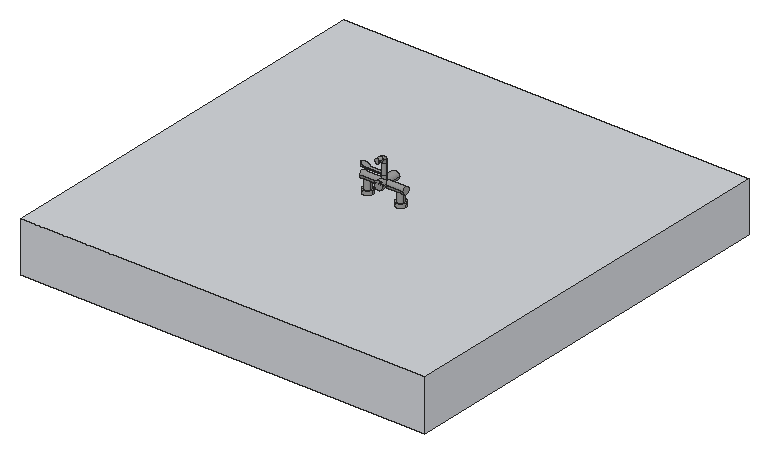
Revit family "ASH_ArmitageShanks_WallHungHandRinseBasins_Contour21-60cm_S2155", category Plumbing Fixtures, host Face, Revit 2012
Parameters (values of type "A6243AA - Markwik 21 Basin Tap Lever operated thermostatic")
  WorkingPressure = "3 Bar"
  WaterEfficientProduct = no
  WarrantyStartDate [instance] = "1900-12-31T23:59:59"
  WarrantyGuarantorParts = Manufacturer  # "Productinfo@thebluebook.co.uk"
  WarrantyGuarantorLabor = "n/a"
  WarrantyDurationUnit = "year"
  WarrantyDurationParts = "5"
  WarrantyDurationLabor = "n/a"
  WarrantyDescription = "Manufacturers Warranty"
  WRAS = yes
  WFU = 0
  VolumeUnits = "Litres"
  Version = "2"
  ValvePattern = "n/a"
  ValveOperation = "Lever"
  ValveMechanism = "Thermostatic"
  Uniclass2 = "Pr_40_20_87_98"
  URL = "www.idealspec.co.uk"
  Type Comments = "n/a"
  TestPressure = "10 Bar"
  TagNumber [instance] = "n/a"
  TMV3 = yes
  SustainabilityPerformance = "n/a"
  SpareParts = "www.fastpart-spares.co.uk"
  Space = "Internal"
  Size = "225 x 261 x 134 mm"
  SideMountedSensor = no
  UnderMountedSensor = no
  Shape = "Cylindrical"
  SerialNumber [instance] = "n/a"
  SensorEyeMaterial = ASH_Sensor_Markwik21_TranslucentBlack_render
  Revision = "n/a"
  ReplacementCost = "n/a"
  ProductInformation = "www.idealspec.co.uk/assets/datasheet/A6243AA"
  Phone = "01543 490 253"
  NominalWidth = 261 mm
  NominalLength = 225 mm
  NominalHeight = 125 mm
  NettWeight = "4 Kg"
  Name = "WallMountedMixerTaps_Markwik21_ArmitageShanks"
  NBSTypeID = "n/a"
  NBSReference = "45-35-70/371"
  NBSOfficeMasterTag = "n/a"
  NBSNote = "n/a"
  NBSDescription = "Water supply fittings for wash basins and troughs"
  NBSCertification = "n/a"
  ModelReference = "Markwik 21 Demountable Panel Mixer, Single Sequential Lever, Detachable Spout"
  ModelNumber = "A6243AA"
  Model = "A6243AA"
  Material = "Brass"
  ManufacturerURL = "www.idealspec.co.uk"
  Manufacturer = "Productinfo@thebluebook.co.uk"
  LinearUnits = "millimeters"
  Lever = yes
  InstallationInstructions = "www.idealspec.co.uk/resources.html"
  InstallationDate [instance] = "1900-12-31T23:59:59"
  IfcExportType = "FAUCET"
  IfcExportAs = "IfcValveType"
  Help = "productinfo@thebluebook.co.uk"
  HWFU = 0
  GrossWeight = "n/a"
  Grade = "n/a"
  Finish = "Chrome"
  Features = "Lever operated thermostat tap"
  FaucetType = "OTHER"
  FaucetTopDescription = "n/a"
  FaucetOperation = "LEVERHANDLE"
  FaucetFunction = "MIXED"
  ExpectedLife = "30"
  ECA = no
  DurationUnit = "year"
  DistributedBy = "n/a"
  Description = "Markwik 21 demountable panel mixer, single sequential lever, detachable spout"
  Default Elevation = 1219.2 mm
  CurrencyUnit = "n/a"
  CreatedOn = "2014-10-01"
  Cost = 0
  Constituents = "n/a"
  ConnectionType = "Plumbing"
  Color = "Chrome"
  CodePerformance = "Conforms to htm64 (2006), htm04, hfn30, hbn 04-01 addendum 2013"
  TapBodyMaterial = ASH_TapBody_Markwik21_Chrome_render
  Category = "SanitaryTerminal_WASHHANDBASIN_UK"
  CWFU = 0
  Brand = "Armitage Shanks"
  BarCode [instance] = "4015413333450"
  BREEAMApproved = no
  BIMObjectName = "ASH_ArmitageShanks_MixerTaps_Markwik21-WallMountedThermoMixer_A6243"
  Author = "Ideal Standard (UK) Ltd"
  AssetType = "Fixed"
  AssetIdentifier [instance] = "n/a"
  Assembly Code = "C1030200"
  AreaUnits = "millimeters"
  AreaMeasurement = "n/a"
  Accessories = "www.idealspec.co.uk"
  AccessibilityPerformance = "n/a"
  135ReachSpout = yes
  100ReachSpout(UseWithUpstandBasin) = no
Reference planes
  plane 1 "Center (Front/Back)": y = 0
  plane 2: z = 0
  plane 3 "Center (Left/Right)": x = 0
  plane 4: z = 20
  plane 5: z = 90
  plane 6: x = -130.5
  plane 7: x = 130.5
  plane 8: y = 82
  plane 9: y = -43
  plane 10: z = 225
  plane 11: z = 93
  plane 12: y = -65
  plane 13: y = -130
  plane 14: x = 150.5
  plane 15: x = 215.5
  plane 16: y = 25
  plane 17: x = 215.5
Forms (mm)
  Extrusion 1, solid
    sketch origin (0, 0, 0) x (1, 0, 0) y (0, 1, 0)
      loop
        line (-1219.2, 1219.2) -> (-1219.2, -1219.2) -> (1219.2, -1219.2) -> (1219.2, 1219.2) -> (-1219.2, 1219.2)
    from 0 to -304.8
  Extrusion 2, solid, material "ASH_TapBody_Markwik21_Chrome_render" <- "TapBodyMaterial", detail levels medium+fine
    sketch origin (0, 0, 0) x (1, 0, 0) y (0, 1, 0)
      loop
        circle (-100, 0) r 30
      loop
        circle (100, 0) r 30
    from 0 to 20
  Extrusion 3, solid, material "ASH_TapBody_Markwik21_Chrome_render" <- "TapBodyMaterial", detail levels medium+fine
    sketch origin (-568.278, -4572, 20) x (-1, 0, 0) y (0, -1, 0)
      loop
        circle (-468.278, -4572) r 17.5
      loop
        circle (-668.278, -4572) r 17.5
    from 0 to 70
  Extrusion 4, solid, material "ASH_TapBody_Markwik21_Chrome_render" <- "TapBodyMaterial", detail levels medium+fine
    sketch origin (-130.5, 84.18, 1219.2) x (0, 1, 0) y (0, 0, 1)
      loop
        circle (-84.18, -1129.2) r 20
    from 0 to 261
  Extrusion 5, solid, material "ASH_TapBody_Markwik21_Chrome_render" <- "TapBodyMaterial", detail levels medium+fine
    sketch origin (-239.872, 82, 1219.2) x (-1, 0, 0) y (0, 0, 1)
      loop
        circle (-239.872, -1129.2) r 25
    from 0 to -125
  Extrusion 6, solid, material "ASH_TapBody_Markwik21_Chrome_render" <- "TapBodyMaterial", detail levels medium+fine
    sketch origin (-568.278, -4572, 90) x (-1, 0, 0) y (0, -1, 0)
      loop
        circle (-568.278, -4572) r 13
    from 0 to 45
  Extrusion 7, solid, material "ASH_TapBody_Markwik21_Chrome_render" <- "TapBodyMaterial", visible <- "Lever", detail levels medium+fine
    sketch origin (0, 254.923, 93) x (0, 1, 0) y (-1, 0, 0)
      loop
        arc (-182.923, 145) -> (-164.498, 168.151) -> (-157.923, 197) r 66.58
        arc (-157.923, 197) -> (-160.852, 204.071) -> (-167.923, 207) r 10
        line (-167.923, 207) -> (-172.923, 207)
        arc (-172.923, 207) -> (-194.784, 187.879) -> (-202.923, 160) r 51.817
        line (-202.923, 160) -> (-202.923, 0) -> (-182.923, 0) -> (-182.923, 145)
    from 0 to -6
  Extrusion 8, solid, material "ASH_TapBody_Markwik21_Chrome_render" <- "TapBodyMaterial", visible <- "UnderMountedSensor", detail levels medium+fine
    sketch origin (0, 65, 0) x (1, 0, 0) y (0, 1, 0)
      loop
        circle (0, -195) r 25
      loop
        circle (0, -195) r 8
    from 0 to 5
  Extrusion 9, solid, material "ASH_Sensor_Markwik21_TranslucentBlack_render" <- "SensorEyeMaterial", visible <- "UnderMountedSensor", detail levels medium+fine
    sketch origin (0, 0, 0) x (1, 0, 0) y (0, 1, 0)
      loop
        circle (0, -130) r 8
    from 0 to 2
  Extrusion 10, solid, material "ASH_TapBody_Markwik21_Chrome_render" <- "TapBodyMaterial", visible <- "SideMountedSensor", detail levels medium+fine
    sketch origin (20.5, 0, 0) x (0, -1, 0) y (1, 0, 0)
      loop
        circle (0, 195) r 25
      loop
        circle (0, 195) r 8
    from 0 to 5
  Extrusion 11, solid, material "ASH_Sensor_Markwik21_TranslucentBlack_render" <- "SensorEyeMaterial", visible <- "SideMountedSensor", detail levels medium+fine
    sketch origin (85.5, 0, 0) x (0, -1, 0) y (1, 0, 0)
      loop
        circle (0, 130) r 8
    from 0 to 2
Dimensions and locks
  Extrusion 2 sketch curve to plane 3 "Center (Left/Right)" = 100 mm
  Extrusion 3 sketch curve to plane 3 "Center (Left/Right)" = 100 mm
  locked: Extrusion 1 to plane 10 at 225
  "NominalWidth": plane 6 to plane 7
  Extrusion 8 to plane 1 "Center (Front/Back)" = 130 mm
  plane 7 to plane 17 = 85 mm
  "NominalHeight": plane 8 to plane 9
  aligned and locked: plane 2 to Extrusion 1
  aligned and locked: level to Extrusion 1
  aligned and locked: plane 3 "Center (Left/Right)" to nested 1
  aligned and locked: plane 1 "Center (Front/Back)" to nested 1
  aligned and locked: nested 1 to Extrusion 6
  aligned and locked: plane 3 "Center (Left/Right)" to nested 2
  aligned and locked: nested 2 to Extrusion 6
  aligned and locked: plane 1 "Center (Front/Back)" to nested 2
  aligned and locked: plane 16 to Extrusion 10
  aligned and locked: plane 17 to Extrusion 10  (x3)
Automatic sketch dimensions
  Extrusion 1 sketch curve to Extrusion 1 sketch curve = 2438.4 mm  (x2)
  plane 1 "Center (Front/Back)" to Extrusion 2 sketch curve = 0 mm  (x2)
  plane 7 to Extrusion 2 sketch curve = 30.5 mm
  plane 1 "Center (Front/Back)" to Extrusion 3 sketch curve = 0 mm  (x2)
  plane 7 to Extrusion 3 sketch curve = 30.5 mm
  Extrusion 4 sketch curve to plane 1 "Center (Front/Back)" = 0 mm
  Extrusion 4 sketch curve to plane 5 = 0 mm
  Extrusion 5 sketch curve to plane 3 "Center (Left/Right)" = 0 mm
  Extrusion 5 sketch curve to plane 5 = 0 mm
  plane 1 "Center (Front/Back)" to Extrusion 6 sketch curve = 0 mm
  Extrusion 6 sketch curve to plane 3 "Center (Left/Right)" = 0 mm
  Extrusion 7 sketch curve to plane 3 "Center (Left/Right)" = 0 mm
  Extrusion 7 sketch curve to plane 8 = 0 mm
  Extrusion 7 sketch curve to plane 8 = 10 mm
  Extrusion 7 sketch curve to Extrusion 7 sketch curve = 20 mm
  plane 16 to Extrusion 7 sketch curve = 5.42 mm
  plane 8 to Extrusion 7 sketch curve = 5 mm
  Extrusion 7 sketch curve to Extrusion 7 sketch curve = 10 mm
  Extrusion 7 sketch curve to Extrusion 7 sketch curve = 0 mm
  plane 8 to Extrusion 7 sketch curve = 21.817 mm
  Extrusion 7 sketch curve to plane 6 = 14.5 mm
  Extrusion 8 sketch curve to Extrusion 8 sketch curve = 0 mm  (x2)
  Extrusion 8 sketch curve to plane 3 "Center (Left/Right)" = 0 mm
  Extrusion 8 sketch curve to plane 12 = 65 mm
  Extrusion 9 sketch curve to plane 3 "Center (Left/Right)" = 0 mm
  Extrusion 9 sketch curve to plane 13 = 0 mm
  Extrusion 10 sketch curve to Extrusion 10 sketch curve = 0 mm  (x2)
  plane 1 "Center (Front/Back)" to Extrusion 10 sketch curve = 0 mm
  Extrusion 10 sketch curve to plane 17 = 0 mm
  plane 1 "Center (Front/Back)" to Extrusion 11 sketch curve = 0 mm
  Extrusion 11 sketch curve to plane 15 = 0 mm
  radius of Extrusion 2 sketch curve = 30 mm  (x2)
  radius of Extrusion 3 sketch curve = 17.5 mm  (x2)
  radius of Extrusion 4 sketch curve = 20 mm
  radius of Extrusion 5 sketch curve = 25 mm
  radius of Extrusion 6 sketch curve = 13 mm
  radius of Extrusion 8 sketch curve = 25 mm
  radius of Extrusion 8 sketch curve = 8 mm
  radius of Extrusion 9 sketch curve = 8 mm
  radius of Extrusion 10 sketch curve = 25 mm
  radius of Extrusion 10 sketch curve = 8 mm
  radius of Extrusion 11 sketch curve = 8 mm
Nested families
  nested 1: "A6252AA Markwik 100 Reach Spout" at (0, 0, 135), visible <- "100ReachSpout(UseWithUpstandBasin)", type "A6252AA Markwik 100 Reach Spout"
  nested 2: "A6250AA Markwik 135 Reach Spout" at (0, 0, 135), visible <- "135ReachSpout", type "A6250AA Markwik 135 Reach Spout"
Definition of nested family "A6252AA Markwik 100 Reach Spout"
  Parameters (values of type "A6252AA Markwik 100 Reach Spout")
    URL = "www.idealspec.co.uk"
    Model = "A6252AA"
    Manufacturer = "Armitage Shanks"
    Description = "Markwik 21, 100mm Reach Spout"
    Default Elevation = 1219.2 mm
  Reference planes
    plane 1 "Center (Front/Back)": y = 0
    plane 2: z = 0
    plane 3 "Center (Left/Right)": x = 0
  Forms (mm)
    Extrusion 1, solid
      sketch origin (0, 0, 0) x (1, 0, 0) y (0, 1, 0)
        loop
          line (-1219.2, 1219.2) -> (-1219.2, -1219.2) -> (1219.2, -1219.2) -> (1219.2, 1219.2) -> (-1219.2, 1219.2)
      from 0 to -304.8
    Sweep 2, solid, material "ASH_ArmitageShanks _Sanitaryware_Chrome3_Render", detail levels medium+fine
      path origin (0, 0, 0) x (0, 1, 0) y (0, 0, 1)
        loop
          line (0, 0) -> (0, 40)
          arc (0, 40) -> (-7.322, 57.678) -> (-25, 65) r 25
          line (-25, 65) -> (-52, 65)
      profile origin (0, 0, 20) x (0, -1, 0) y (1, 0, 0)
        loop
          circle (0, 0) r 13
  Dimensions and locks
    aligned and locked: plane 2 to Extrusion 1
    aligned and locked: level to Extrusion 1
Definition of nested family "A6250AA Markwik 135 Reach Spout"
  Parameters (values of type "A6250AA Markwik 135 Reach Spout")
    URL = "www.idealspec.co.uk"
    Model = "A6250AA"
    Manufacturer = "Armitage Shanks"
    Description = "Markwik 21, 135mm Reach Spout"
    Default Elevation = 1219.2 mm
  Reference planes
    plane 1 "Center (Front/Back)": y = 0
    plane 2: z = 0
    plane 3 "Center (Left/Right)": x = 0
  Forms (mm)
    Extrusion 1, solid
      sketch origin (0, 0, 0) x (1, 0, 0) y (0, 1, 0)
        loop
          line (-1219.2, 1219.2) -> (-1219.2, -1219.2) -> (1219.2, -1219.2) -> (1219.2, 1219.2) -> (-1219.2, 1219.2)
      from 0 to -304.8
    Sweep 2, solid, material "ASH_ArmitageShanks _Sanitaryware_Chrome3_Render", detail levels medium+fine
      path origin (0, 0, 0) x (0, 1, 0) y (0, 0, 1)
        loop
          line (0, 0) -> (0, 65)
          arc (0, 65) -> (-7.322, 82.678) -> (-25, 90) r 25
          line (-25, 90) -> (-52, 90)
      profile origin (0, 0, 32.5) x (0, -1, 0) y (1, 0, 0)
        loop
          circle (0, 0) r 13
  Dimensions and locks
    aligned and locked: plane 2 to Extrusion 1
    aligned and locked: level to Extrusion 1
